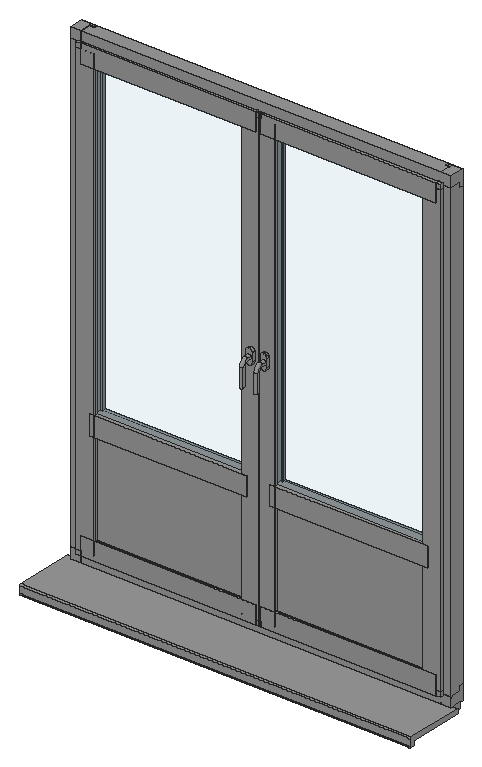
Revit family "deceuninck_balkonnaya_dver_dvustvorchataya", category Windows, host Wall, Revit 2016
Family settings
  Host = Wall
  OmniClass Number = 23.30.20.00
  OmniClass Title = Windows
  Always vertical = Yes
  Cut with Voids When Loaded = No
  Shared = No
  Room Calculation Point = No
Parameters (values of type "Энвин ЭКО-60")
  Ширина профиля = 60 mm
  Ширина проема [instance] = ADSK_Ширина рамы + Монтажный зазор.Левый + Монтажный зазор.Правый  # 1640 mm
  Шир прав створка [instance] = if(Одинаковые створки, ADSK_Ширина рамы / 2, Створка правая.Ширина)  # 800 mm
  Четверть.Ширина [instance] = 65 mm
  Четверть.Правая [instance] = if(and(Четверть правая.Видимость, Четверть), Четверть.Ширина, 0 mm)  # 65 mm
  Четверть.Левая [instance] = if(and(Четверть левая.Видимость, Четверть), Четверть.Ширина, 0 mm)  # 65 mm
  Четверть.Глубина [instance] = 120 mm
  Четверть.Высота [instance] = 65 mm
  Четверть правая.Видимость [instance] = yes
  Четверть левая.Видимость [instance] = yes
  Четверть.Врхняя [instance] = if(Четверть, Четверть.Высота, 0 mm)  # 65 mm
  Четверть [instance] = yes
  Цвет профиля = ""
  Формула стеклопакета = ""
  Толщина стеклопакета = "32"
  Стеклопакет.Толщина = 32 mm
  Створка правая.Ширина [instance] = 800 mm
  Створка правая = stvorka_balkonnaya_dver_frantsuz : Дверь.Поворотная лево
  Створка левая.Ширина [instance] = ADSK_Ширина рамы - Створка правая.Ширина  # 800 mm
  Створка левая = stvorka_balkonnaya_dver_frantsuz : Дверь.Поворотная лево
  Система фурнитуры [instance] = ""
  Рама.Окно.Ширина [instance] = 1600 mm
  Рама.Окно.Высота [instance] = 2000 mm
  Профильная система = "Энвин ЭКО 60"
  Проем.Окно.Ширина [instance] = 1640 mm
  Проем.Окно.Высота [instance] = 2055 mm
  Приточный клапан [instance] = no
  Watermarked By = ""
  Rough Width = 0 mm  # constant formula
  Rough Height = 0 mm  # constant formula
  Подоконник.Глубина [instance] = 0 mm
  Подоконник. Видимость [instance] = yes
  Подоконник [instance] = podokonnik : ПВХ 250
  Площаль элемента [instance] = ADSK_Ширина рамы * ADSK_Высота рамы / 1000000 mm  # 3.2 mm
  Открывание 30 [instance] = yes
  Откосы.Глубина [instance] = 310 mm
  Одинаковые створки [instance] = no
  Огнестойкость = "Е-15"
  Нижняя часть.Остекление [instance] = no
  Наименование = "Балконная дверь 2-створчатая Энвин ЭКО-60"
  Монтажный зазор.Спереди [instance] = 10 mm
  Монтажный зазор.Правый [instance] = if(Четверть правая.Видимость, Монтажный зазор.Боковой, 0 mm)  # 20 mm
  Монтажный зазор.Низ [instance] = 10 mm
  Монтажный зазор.Левый [instance] = if(Четверть левая.Видимость, Монтажный зазор.Боковой, 0 mm)  # 20 mm
  Монтажный зазор.Верх [instance] = 20 mm
  Монтажный зазор.Боковой = 20 mm
  Материал-Стеклопакет = none
  Материал-Рама = none
  Материал-Подоконник = ПВХ, белый
  Класс профиля = "Тип В"
  Завод-изготовитель [instance] = "ООО Декёнинк Рус, Россия"  # constant formula
  ГОСТ = "ГОСТ 30673-2013"
  Высота створки [instance] = ADSK_Высота рамы - 43 mm * 2  # 1914 mm
  Высота расположения ручки = 1000 mm
  Высота расположения горизонтального импоста [instance] = 500 mm
  Высота профиля створки = 76 mm
  Высота профиля рамы = 62 mm
  Высота профиля имоста = 82 mm
  Высота проема [instance] = ADSK_Высота рамы + 25 mm + Монтажный зазор.Верх + Монтажный зазор.Низ  # 2055 mm
  Height = 0 mm  # constant formula
  Высота порога = 105 mm
  Wall Closure = By host
  Width = 0 mm  # constant formula
  Артикул створки/армирование рстворки = "ZE 60D  /  AR1"
  Артикул рамы/армирование рамы = "LE 60D  /  AR1"
  Артикул импоста/армирование импоста = "TE 60D  /  20 x 35"
  Analytic Construction = "<Нет>"
  λ краевой зоны стеклопакета = 0.0600 (m²·K)/W
  Rстеклопакета = 0.7600 (m²·K)/W
  Rпрофиля = 0.6800 (m²·K)/W
  Rпривед [instance] = 1 / (((Ширина профиля / 1000 mm) * (5.4 - 4 * (Ширина профиля / 1000 mm)) / (1.8 * Rпрофиля / Rед)) + ((1.2 - 2 * (Ширина профиля / 1000 mm)) * (1.5 - 2 * (Ширина профиля / 1000 mm)) / (1.8 * Rстеклопакета / Rед)) + (5.4 - 8 * (Ширина профиля / 1000 mm)) * (λ краевой зоны стеклопакета / Rед))  # 0.61064
  Rед = 1.0000 (m²·K)/W
  ADSK_Ширина рамы [instance] = 1600 mm
  ADSK_Позиция [instance] = ""
  ADSK_Высота рамы [instance] = 2000 mm
Reference planes
  plane 1 "По центру (Вперед/Назад)": y = 0
  plane 2 "По центру (Влево/Вправо)": x = 0
  plane 3 "Подоконник": z = 105
  plane 4 "Наружный": y = 250
  plane 5 "Внутренние": y = -250
  plane 6: x = -820
  plane 7: x = 820
  plane 8: x = -755
  plane 9: x = 755
  plane 10: y = 130
  plane 11: z = 2105
  plane 12: x = -800
  plane 13: x = 800
  plane 14: z = 80
  plane 15: z = 2125
  plane 16: z = 70
  plane 17: z = 2060
  plane 18: y = 120
  plane 19: y = 60
  plane 20: x = -738
  plane 21: x = 738
  plane 22: z = 2043
  plane 23: z = 167
  plane 24: x = 0
  plane 25: y = 107
  plane 26: x = 679.372
  plane 27: y = 70
  plane 28: y = 450
Forms (mm)
  Extrusion 1, void
    sketch origin (0, -250, 0) x (1, 0, 0) y (0, 0, 1)
      loop
        line (-820, 2125) -> (-820, 70) -> (820, 70) -> (820, 2125) -> (-820, 2125)
    from 0 to -380
  Extrusion 2, void
    sketch origin (-2200.521, 130, 1000) x (1, 0, 0) y (0, 0, 1)
      loop
        line (1445.521, 1060) -> (1445.521, -930) -> (2955.521, -930) -> (2955.521, 1060) -> (1445.521, 1060)
    from 0 to -320
  Extrusion 3, solid, material <- "Материал-Рама", detail levels fine
    sketch origin (0, 0, 105) x (0, -1, 0) y (-1, 0, 0)
      loop
        line (-120, 800) -> (-120, 738) -> (-107, 738) -> (-107, 758) -> (-60, 758) -> (-60, 800) -> (-120, 800)
      loop
        line (-120, -738) -> (-120, -800) -> (-60, -800) -> (-60, -758) -> (-107, -758) -> (-107, -738) -> (-120, -738)
    from 0 to -2000
  Extrusion 4, solid, material <- "Материал-Рама", detail levels fine
    sketch origin (-750, 0, 0) x (0, -1, 0) y (0, 0, 1)
      loop
        line (-60, 105) -> (-60, 147) -> (-107, 147) -> (-107, 167) -> (-120, 167) -> (-120, 105) -> (-60, 105)
      loop
        line (-60, 2063) -> (-60, 2105) -> (-120, 2105) -> (-120, 2043) -> (-107, 2043) -> (-107, 2063) -> (-60, 2063)
    from 50 to -1550
  Extrusion 5, solid, material <- "Материал-Рама"
    sketch origin (-233.865, 107, 2257) x (0, 0, 1) y (-1, 0, 0)
      loop
        line (-2152, 566.135) -> (-2177, 566.135) -> (-2177, -1033.865) -> (-2152, -1033.865) -> (-2152, 566.135)
    from 0 to 37
  Extrusion 6, solid, detail levels medium
    sketch origin (0, 0, 105) x (0, -1, 0) y (-1, 0, 0)
      loop
        line (-120, 800) -> (-120, 738) -> (-60, 738) -> (-60, 800) -> (-120, 800)
      loop
        line (-120, -800) -> (-60, -800) -> (-60, -738) -> (-120, -738) -> (-120, -800)
    from 0 to -2000
  Extrusion 7, solid, detail levels medium
    sketch origin (-750, 0, 0) x (0, -1, 0) y (0, 0, 1)
      loop
        line (-120, 2105) -> (-120, 2043) -> (-60, 2043) -> (-60, 2105) -> (-120, 2105)
      loop
        line (-60, 105) -> (-60, 167) -> (-120, 167) -> (-120, 105) -> (-60, 105)
    from -1550 to 50
  Extrusion 8, solid, detail levels coarse
    sketch origin (0, 0, 105) x (0, -1, 0) y (-1, 0, 0)
      loop
        line (-120, 800) -> (-120, 690) -> (-47, 690) -> (-47, 800) -> (-120, 800)
      loop
        line (-120, -800) -> (-47, -800) -> (-47, -690) -> (-120, -690) -> (-120, -800)
      loop
        line (-47, 68) -> (-120, 68) -> (-120, -68) -> (-47, -68) -> (-47, 68)
    from 0 to -2000
  Extrusion 9, solid, detail levels coarse
    sketch origin (-750, 0, 0) x (0, -1, 0) y (0, 0, 1)
      loop
        line (-120, 1992) -> (-47, 1992) -> (-47, 2105) -> (-120, 2105) -> (-120, 1992)
      loop
        line (-47, 105) -> (-47, 214) -> (-120, 214) -> (-120, 105) -> (-47, 105)
    from -1550 to 50
Text (mm)
  text "Наружный" at (0, 923.751, 2943.296), in view "Справа"
  text "Наружный" at (0, 1040.484, 2685.409), in view "Слева"
Dimensions and locks
  "Высота порога": plane 3 "Подоконник" to level
  locked: plane 4 "Наружный" to host wall at 0
  locked: plane 5 "Внутренние" to host wall
  "Четверть.Глубина": plane 10 to plane 4 "Наружный"
  "ADSK_Высота рамы": plane 11 to plane 3 "Подоконник"
  "Монтажный зазор.Верх": plane 15 to plane 11
  locked: plane 3 "Подоконник" to plane 14 at 25
  "Монтажный зазор.Низ": plane 14 to plane 16
  "Четверть.Врхняя": plane 15 to plane 17
  equal spacing: plane 13, plane 2 "По центру (Влево/Вправо)", plane 12
  "ADSK_Ширина рамы": plane 13 to plane 12
  "Четверть.Левая": plane 8 to plane 6
  "Четверть.Правая": plane 7 to plane 9
  "Монтажный зазор.Левый": plane 12 to plane 6
  "Монтажный зазор.Правый": plane 13 to plane 7
  "Монтажный зазор.Спереди": plane 10 to plane 18
  "Ширина профиля": plane 18 to plane 19
  "Высота профиля рамы": plane 12 to plane 20
  locked: Extrusion 3 sketch curve to Extrusion 3 sketch curve at 13  (x2)
  locked: Extrusion 3 sketch curve to Extrusion 3 sketch curve at 20  (x2)
  "Высота профиля рамы": plane 21 to plane 13
  "Высота профиля рамы": plane 11 to plane 22
  "Высота профиля рамы": plane 3 "Подоконник" to plane 23
  locked: Extrusion 4 sketch curve to Extrusion 4 sketch curve at 13  (x2)
  locked: Extrusion 4 sketch curve to Extrusion 4 sketch curve at 20  (x2)
  "Шир прав створка": plane 13 to plane 24
  locked: plane 18 to plane 25 at 13
  locked: plane 27 to plane 19 at 10
  locked: plane 4 "Наружный" to plane 28 at 200
  "Откосы.Глубина": plane 19 to plane 5 "Внутренние"
  "Рама.Окно.Ширина": plane 13 to plane 12
  "Проем.Окно.Ширина": plane 7 to plane 6
  "Проем.Окно.Высота": plane 15 to plane 16
  "Рама.Окно.Высота": plane 11 to plane 3 "Подоконник"
  aligned and locked: Extrusion 1 sketch curve to plane 15
  aligned and locked: Extrusion 1 sketch curve to plane 6
  aligned and locked: Extrusion 1 sketch curve to plane 7
  aligned and locked: Extrusion 1 sketch curve to plane 16
  aligned and locked: plane 10 to Extrusion 1
  aligned and locked: Extrusion 2 sketch curve to plane 17
  aligned and locked: Extrusion 2 sketch curve to plane 8
  aligned and locked: Extrusion 2 sketch curve to plane 9
  aligned and locked: Extrusion 2 sketch curve to plane 16
  aligned and locked: Extrusion 3 sketch curve to plane 18
  aligned and locked: Extrusion 3 sketch curve to plane 19
  aligned and locked: Extrusion 3 sketch curve to plane 20
  aligned and locked: Extrusion 3 sketch curve to plane 12
  aligned and locked: plane 18 to Extrusion 3 sketch curve
  aligned and locked: plane 19 to Extrusion 3 sketch curve
  aligned and locked: Extrusion 3 sketch curve to plane 13
  aligned and locked: Extrusion 3 sketch curve to plane 21
  aligned and locked: plane 11 to Extrusion 3
  aligned and locked: Extrusion 4 sketch curve to plane 19  (x2)
  aligned and locked: Extrusion 4 sketch curve to plane 18  (x2)
  aligned and locked: Extrusion 4 sketch curve to plane 23
  aligned and locked: Extrusion 4 sketch curve to plane 3 "Подоконник"
  aligned and locked: Extrusion 4 sketch curve to plane 22
  aligned and locked: Extrusion 4 sketch curve to plane 11
  aligned and locked: Extrusion 4 to plane 13
  aligned and locked: Extrusion 4 to plane 12
  aligned and locked: Extrusion 5 sketch curve to plane 12
  aligned and locked: Extrusion 5 sketch curve to plane 3 "Подоконник"
  aligned and locked: Extrusion 5 sketch curve to plane 14
  aligned and locked: plane 13 to Extrusion 5 sketch curve
  aligned and locked: Extrusion 5 to plane 27
  aligned and locked: nested 2 to plane 3 "Подоконник"
  aligned and locked: nested 2 to plane 27
  aligned and locked: nested 2 to plane 2 "По центру (Влево/Вправо)"
  aligned and locked: plane 28 to Extrusion 2
  aligned and locked: plane 11 to Extrusion 6
  aligned and locked: Extrusion 7 sketch curve to plane 11
  aligned and locked: Extrusion 7 sketch curve to plane 22
  aligned and locked: Extrusion 7 sketch curve to plane 19  (x2)
  aligned and locked: Extrusion 7 sketch curve to plane 18  (x2)
  aligned and locked: Extrusion 7 sketch curve to plane 3 "Подоконник"
  aligned and locked: Extrusion 7 sketch curve to plane 23
  aligned and locked: Extrusion 7 to plane 13
  aligned and locked: Extrusion 6 sketch curve to plane 20
  aligned and locked: Extrusion 6 sketch curve to plane 19  (x2)
  aligned and locked: Extrusion 6 sketch curve to plane 12
  aligned and locked: plane 13 to Extrusion 6 sketch curve
  aligned and locked: plane 21 to Extrusion 6 sketch curve
  aligned and locked: Extrusion 8 sketch curve to plane 12
  aligned and locked: Extrusion 8 sketch curve to plane 18  (x2)
  aligned and locked: plane 13 to Extrusion 8 sketch curve
  aligned and locked: plane 11 to Extrusion 8
  aligned and locked: plane 18 to Extrusion 8 sketch curve
  aligned and locked: Extrusion 9 sketch curve to plane 18
  aligned and locked: Extrusion 9 sketch curve to plane 11
  aligned and locked: Extrusion 9 sketch curve to plane 3 "Подоконник"
  aligned and locked: Extrusion 8 to Extrusion 9 sketch curve
  aligned and locked: Extrusion 9 to plane 13
  aligned and locked: Extrusion 6 sketch curve to plane 18  (x2)
  aligned and locked: Extrusion 9 to plane 12
  aligned and locked: Extrusion 7 to plane 12
  aligned and locked: plane 17 to nested 1
  aligned and locked: nested 1 to plane 25
  aligned and locked: nested 3 to plane 17
  aligned and locked: nested 3 to plane 25
  aligned and locked: plane 24 to nested 1
  aligned and locked: plane 24 to nested 3
  aligned and locked: Extrusion 8 sketch curve to nested 1  (x3)
  aligned and locked: Extrusion 8 sketch curve to nested 3  (x3)
  aligned and locked: nested 1 to Extrusion 8 sketch curve
  aligned and locked: plane 18 to nested 4
  aligned and locked: nested 4 to plane 2 "По центру (Влево/Вправо)"
  aligned and locked: Extrusion 9 to nested 1
  aligned and locked: nested 1 to Extrusion 9
  aligned and locked: Extrusion 3 to nested 1
  aligned and locked: nested 3 to Extrusion 3
Automatic sketch dimensions
  plane 23 to Extrusion 9 sketch curve = 47 mm
  plane 22 to Extrusion 9 sketch curve = 51 mm
  Extrusion 9 sketch curve to plane 19 = 13 mm  (x2)
Nested families
  nested 1: "stvorka_balkonnaya_dver_frantsuz" at (-379, 107, 146), Профиль.Ширина <- "Ширина профиля", type <- "Створка левая", Стеклопакет.Толщина <- "Стеклопакет.Толщина", Створка.Высота <- "Высота створки", Ручка.Расстояние от низа створки <- "Высота расположения ручки", Высота горизонтального импоста <- "Высота расположения горизонтального импоста", Нижняя часть.Остекление <- "Нижняя часть.Остекление", Профиль.Высота <- "Высота профиля створки", type "Дверь.Поворотная лево"
    with Стеклопакет.Толщина 32 mm, Створка.Ширина 758 mm, Створка.Высота 1914 mm, Ручка.Расстояние от низа створки 1000 mm, Профиль.Ширина 60 mm, Профиль.Высота 76 mm, Нижняя часть.Сэндвич yes, Нижняя часть.Остекление no, Материал.Профиль none, Высота горизонтального импоста 500 mm
  nested 2: "podokonnik" at (0, 70, 105), Материал-Подоконник <- "Материал-Подоконник", Длина подоконника <- "Ширина проема", type <- "Подоконник", visible <- "Подоконник. Видимость", type "ПВХ 250", detail levels fine
    with Материал-Подоконник ПВХ, белый, Длина подоконника 1640 mm
  nested 3: "stvorka_balkonnaya_dver_frantsuz" at (379, 107, 146) x (-1, 0, 0) z (0, 0, 1), Профиль.Ширина <- "Ширина профиля", type <- "Створка правая", Стеклопакет.Толщина <- "Стеклопакет.Толщина", Створка.Высота <- "Высота створки", Высота горизонтального импоста <- "Высота расположения горизонтального импоста", Ручка.Расстояние от низа створки <- "Высота расположения ручки", Нижняя часть.Остекление <- "Нижняя часть.Остекление", Профиль.Высота <- "Высота профиля створки", type "Дверь.Поворотная лево"
    with Стеклопакет.Толщина 32 mm, Створка.Ширина 758 mm, Створка.Высота 1914 mm, Ручка.Расстояние от низа створки 1000 mm, Профиль.Ширина 60 mm, Профиль.Высота 76 mm, Нижняя часть.Сэндвич yes, Нижняя часть.Остекление no, Материал.Профиль none, Высота горизонтального импоста 500 mm
  nested 4: "ugo_dver_2-stv" at (0, 90, 0), Монтажный зазор.Слева <- "Монтажный зазор.Правый", Монтажный зазор.Справа <- "Монтажный зазор.Левый", Ширина проема <- "Ширина проема", Ширина профиля <- "Ширина профиля", Рама.Ширина <- "ADSK_Ширина рамы", Створка правая.Ширина <- "Шир прав створка", Открывание 30° <- "Открывание 30", type "ugo_dver"
    with Ширина профиля 60 mm, Ширина проема 1640 mm, Ширина полотна_линия.Правая 820 mm, Ширина полотна_линия.Левая 820 mm, Ширина полотна.Правая 750 mm, Ширина полотна.Левая 750 mm, Створка правая.Ширина 800 mm, Створка левая.Ширина 800 mm, Рама.Ширина 1600 mm, Открывание 90° no, Открывание 30° yes, Монтажный зазор.Справа 20 mm, Монтажный зазор.Слева 20 mm
Definition of nested family "stvorka_balkonnaya_dver_frantsuz"
  Parameters (values of type "Дверь.Поворотная лево")
    Стеклопакет.Толщина [instance] = 32 mm
    Створка.Ширина [instance] = 600 mm
    Створка.Открытие = not(Створка.Глухая)  # yes
    Створка.Высота [instance] = 1500 mm
    Ручка.Расстояние от низа створки [instance] = 750 mm
    Ручка справа = yes
    Ручка снизу = no
    Ручка слева = no
    Ручка сверху. = no
    Профиль.Ширина [instance] = 58 mm
    Профиль.Высота [instance] = 77 mm
    Открывание правое = no
    Открывание низ = no
    Открывание левое = yes
    Открывание верх = no
    Створка.Глухая = no
    Нижняя часть.Сэндвич [instance] = not(Нижняя часть.Остекление)  # no
    Нижняя часть.Остекление [instance] = yes
    Материал.Стеклопакет = none
    Материал.Профиль [instance] = none
    Высота горизонтального импоста [instance] = 480 mm
    Watermarked By = ""
    Type Comments = "﻿﻿                             ​                ​ ​       ​    ​                    ﻿  ​       ​    ﻿                ​     ​   ​ ﻿ ﻿     ﻿ ﻿﻿  ﻿ ﻿   ​ ﻿   ﻿ ﻿ ﻿﻿    ​      ﻿﻿"
    Keynote = "﻿﻿                             ​                ​ ​       ​    ​                    ﻿  ​       ​    ﻿                ​     ​   ​ ﻿ ﻿     ﻿ ﻿﻿  ﻿ ﻿   ​ ﻿   ﻿ ﻿ ﻿﻿    ​      ﻿﻿"
    Description = "﻿﻿                             ​                ​ ​       ​    ​                    ﻿  ​       ​    ﻿                ​     ​   ​ ﻿ ﻿     ﻿ ﻿﻿  ﻿ ﻿   ​ ﻿   ﻿ ﻿ ﻿﻿    ​      ﻿﻿"
    Assembly Code = "﻿﻿                             ​                ​ ​       ​    ​                    ﻿  ​       ​    ﻿                ​     ​   ​ ﻿ ﻿     ﻿ ﻿﻿  ﻿ ﻿   ​ ﻿   ﻿ ﻿ ﻿﻿    ​      ﻿﻿"
    Analytic Construction = "<Нет>"
  Types (2, lengths in mm): name | Ручка.Расстояние от низа створки | Ручка справа | Ручка слева | Открывание правое | Открывание левое | Открывание верх
    Дверь.Поворотная право | 500 | no | yes | yes | no | yes
    Дверь.Поворотная лево | 750 | yes | no | no | yes | no
  Reference planes
    plane 1 "По центру (Вперед/Назад)": y = 0
    plane 2: z = 0
    plane 3 "По центру (Влево/Вправо)": x = 0
    plane 4: x = -288
    plane 5: x = 288
    plane 6: y = -58
    plane 7: z = 1500
    plane 8: y = -16
    plane 9: y = -48
    plane 10: y = -51
    plane 11: x = -300
    plane 12: x = 300
    plane 13: z = 12
    plane 14: z = -8
    plane 15: z = 1508
    plane 16: z = 1488
    plane 17: z = 750
    plane 18: x = -308
    plane 19: x = -231
    plane 20: x = 308
    plane 21: x = 231
    plane 22: z = 1431
    plane 23: z = 69
    plane 24: z = 750
    plane 25: z = 480
  Forms (mm)
    Extrusion 1, solid, material <- "Материал.Профиль", visible <- "Створка.Открытие", detail levels fine
      sketch origin (0, 0, 0) x (1, 0, 0) y (0, 1, 0)
        loop
          line (-288, 0) -> (-288, -45) -> (-308, -45) -> (-308, -58) -> (-231, -58) -> (-231, -51) -> (-251, -51) -> (-251, -13) -> (-231, -13) -> (-234, 0) -> (-288, 0)
        loop
          line (300, 0) -> (234, 0) -> (231, -13) -> (251, -13) -> (251, -51) -> (231, -51) -> (231, -58) -> (300, -58) -> (300, 0)
      from 12 to 1488
    Extrusion 2, solid, visible <- "Створка.Открытие", detail levels fine
      sketch origin (0, 0, 0) x (1, 0, 0) y (0, 1, 0)
        loop
          line (-251, -13) -> (-251, -51) -> (-231, -51) -> (-231, -48) -> (-241, -48) -> (-241, -16) -> (-231, -16) -> (-231, -13) -> (-251, -13)
        loop
          line (251, -13) -> (231, -13) -> (231, -16) -> (241, -16) -> (241, -48) -> (231, -48) -> (231, -51) -> (251, -51) -> (251, -13)
      from 49 to 1451
    Extrusion 3, solid, material <- "Материал.Профиль", visible <- "Створка.Открытие", detail levels fine
      sketch origin (0, 0, 12) x (0, 1, 0) y (0, 0, 1)
        loop
          line (-58, 57) -> (-58, -20) -> (-45, -20) -> (-45, 0) -> (0, 0) -> (0, 54) -> (-13, 57) -> (-13, 37) -> (-51, 37) -> (-51, 57) -> (-58, 57)
        loop
          line (-58, 1419) -> (-51, 1419) -> (-51, 1439) -> (-13, 1439) -> (-13, 1419) -> (0, 1422) -> (0, 1476) -> (-45, 1476) -> (-45, 1496) -> (-58, 1496) -> (-58, 1419)
      from -288 to 288
    Extrusion 4, solid, visible <- "Створка.Открытие", detail levels fine
      sketch origin (0, 0, 0) x (0, 1, 0) y (0, 0, 1)
        loop
          line (-16, 69) -> (-16, 59) -> (-48, 59) -> (-48, 69) -> (-51, 69) -> (-51, 49) -> (-13, 49) -> (-13, 69) -> (-16, 69)
        loop
          line (-51, 1451) -> (-51, 1431) -> (-48, 1431) -> (-48, 1441) -> (-16, 1441) -> (-16, 1431) -> (-13, 1431) -> (-13, 1451) -> (-51, 1451)
      from -251 to 251
    Extrusion 5, solid, material <- "Материал.Профиль", visible <- "Створка.Открытие", detail levels fine
      sketch origin (-963, -48, 1200) x (-1, 0, 0) y (0, 0, 1)
        loop
          line (-655, 308) -> (-675, 308) -> (-675, 288) -> (-655, 288) -> (-655, 308)
        loop
          line (-1251, 308) -> (-1263, 308) -> (-1263, 288) -> (-1251, 288) -> (-1251, 308)
        loop
          line (-675, -1188) -> (-675, -1208) -> (-655, -1208) -> (-655, -1188) -> (-675, -1188)
        loop
          line (-1263, -1188) -> (-1263, -1208) -> (-1251, -1208) -> (-1251, -1188) -> (-1263, -1188)
      from 3 to -10
    Extrusion 6, solid, material <- "Материал.Стеклопакет", visible <- "Нижняя часть.Остекление"
      sketch origin (0, -16, 59) x (0, -1, 0) y (1, 0, 0)
        loop
          line (0, 241) -> (0, -241) -> (32, -241) -> (32, 241) -> (0, 241)
      from 0 to 1382
    Extrusion 7, solid, material <- "Материал.Профиль", visible <- "Створка.Открытие", detail levels medium
      sketch origin (0, 0, 0) x (1, 0, 0) y (0, 1, 0)
        loop
          line (-231, 0) -> (-308, 0) -> (-308, -58) -> (-231, -58) -> (-231, 0)
        loop
          line (300, 0) -> (231, 0) -> (231, -58) -> (300, -58) -> (300, 0)
      from 12 to 1488
    Extrusion 8, solid, material <- "Материал.Профиль", visible <- "Створка.Открытие", detail levels medium
      sketch origin (0, 0, 0) x (0, 1, 0) y (0, 0, 1)
        loop
          line (0, 1508) -> (-58, 1508) -> (-58, 1431) -> (0, 1431) -> (0, 1508)
        loop
          line (0, 69) -> (-58, 69) -> (-58, -8) -> (0, -8) -> (0, 69)
      from -308 to 300
    Extrusion 9, solid
      sketch origin (-251, -51, 0) x (0, 1, 0) y (0, 0, -1)
        loop
          line (51, -521.003) -> (51, -438.997) -> (-7, -438.997) -> (-7, -521.003) -> (51, -521.003)
      from 0 to -502
    Extrusion 10, solid, visible <- "Нижняя часть.Сэндвич"
      sketch origin (-251, 0, 521.003) x (0, -1, 0) y (1, 0, 0)
        loop
          line (16, 492) -> (16, 10) -> (48, 10) -> (48, 492) -> (16, 492)
      from 0 to 919.997
    Extrusion 11, solid, visible <- "Нижняя часть.Сэндвич"
      sketch origin (0, -16, 59) x (0, -1, 0) y (1, 0, 0)
        loop
          line (0, 241) -> (0, -241) -> (32, -241) -> (32, 241) -> (0, 241)
      from 0 to 379.997
  Lines and regions (mm)
    symbolic lines, visible <- "Открывание правое"
      curve 1: line (231, 0, 1431) -> (-231, 0, 750)
      curve 2: line (-231, 0, 750) -> (231, 0, 69)
    symbolic lines, visible <- "Открывание левое"
      curve 3: line (-231, 0, 1431) -> (231, 0, 750)
      curve 4: line (231, 0, 750) -> (-231, 0, 69)
    symbolic lines, visible <- "Открывание верх"
      curve 5: line (-231, 0, 69) -> (0, 0, 1431)
      curve 6: line (0, 0, 1431) -> (231, 0, 69)
    symbolic lines, visible <- "Открывание низ"
      curve 7: line (-231, 0, 1431) -> (0, 0, 69)
      curve 8: line (0, 0, 69) -> (231, 0, 1431)
    symbolic lines, visible <- "Створка.Глухая"
      curve 9: line (0, 0, 700) -> (0, 0, 800)
      curve 10: line (-50, 0, 750) -> (50, 0, 750)
  Dimensions and locks
    locked: Extrusion 1 sketch curve to Extrusion 1 sketch curve at 13  (x2)
    "Профиль.Ширина": plane 1 "По центру (Вперед/Назад)" to plane 6
    "Стеклопакет.Толщина": plane 8 to plane 9
    locked: plane 8 to plane 1 "По центру (Вперед/Назад)" at 16
    locked: Extrusion 1 to Extrusion 2 sketch curve at 10
    locked: Extrusion 2 sketch curve to Extrusion 1 at 10
    locked: plane 9 to plane 10 at 3
    locked: Extrusion 3 sketch curve to Extrusion 3 sketch curve at 13  (x2)
    locked: Extrusion 4 sketch curve to Extrusion 3 at 10  (x2)
    "Створка.Высота": plane 7 to plane 2
    locked: plane 4 to plane 11 at 12
    locked: plane 12 to plane 5 at 12
    equal spacing: plane 12, plane 3 "По центру (Влево/Вправо)", plane 11
    "Створка.Ширина": plane 12 to plane 11
    locked: plane 15 to plane 7 at 8
    locked: plane 7 to plane 16 at 12
    locked: plane 2 to plane 14 at 8
    locked: plane 13 to plane 2 at 12
    "Профиль.Высота": plane 18 to plane 19
    "Профиль.Высота": plane 21 to plane 20
    locked: plane 21 to Extrusion 2 at 20
    "Профиль.Высота": plane 22 to plane 15
    locked: plane 11 to plane 18 at 8
    locked: plane 20 to plane 12 at 8
    locked: Extrusion 2 to plane 19 at 20
    "Профиль.Высота": plane 23 to plane 14
    "Ручка.Расстояние от низа створки": plane 17 to plane 2
    locked: nested 1 to plane 4 at 18.5
    locked: plane 5 to nested 2 at 18.5
    equal spacing: plane 7, plane 24, plane 2
    curve 9 to plane 24 to curve 9 = 50 mm locked, 50 mm locked
    curve 10 to plane 3 "По центру (Влево/Вправо)" to curve 10 = 50 mm locked, 50 mm locked
    locked: Extrusion 7 to Extrusion 1 sketch curve at 13
    locked: Extrusion 3 sketch curve to Extrusion 8 at 13  (x2)
    locked: Extrusion 4 to plane 23 at 20
    locked: Extrusion 4 to plane 22 at 20
    "Высота горизонтального импоста": plane 25 to plane 2
    locked: Extrusion 9 sketch curve to Extrusion 9 sketch curve at 82.006
    equal spacing: Extrusion 9 sketch curve, plane 25, Extrusion 9 sketch curve
    aligned and locked: level to plane 2
    aligned and locked: Extrusion 1 sketch curve to plane 4
    aligned and locked: plane 6 to Extrusion 1 sketch curve
    aligned and locked: plane 1 "По центру (Вперед/Назад)" to Extrusion 1 sketch curve
    aligned and locked: plane 10 to Extrusion 1 sketch curve
    aligned and locked: Extrusion 2 sketch curve to Extrusion 1  (x9)
    aligned and locked: Extrusion 2 sketch curve to plane 9
    aligned and locked: Extrusion 2 sketch curve to plane 8
    aligned and locked: Extrusion 1 sketch curve to plane 6
    aligned and locked: Extrusion 1 sketch curve to plane 1 "По центру (Вперед/Назад)"
    aligned and locked: Extrusion 1 to Extrusion 2 sketch curve
    aligned and locked: plane 6 to Extrusion 3 sketch curve
    aligned and locked: plane 1 "По центру (Вперед/Назад)" to Extrusion 3 sketch curve
    aligned and locked: plane 10 to Extrusion 3 sketch curve
    aligned and locked: plane 13 to Extrusion 3
    aligned and locked: plane 8 to Extrusion 4 sketch curve  (x2)
    aligned and locked: plane 9 to Extrusion 4 sketch curve
    aligned and locked: Extrusion 4 sketch curve to Extrusion 3  (x8)
    aligned and locked: Extrusion 3 to Extrusion 4 sketch curve  (x2)
    aligned and locked: plane 5 to Extrusion 3
    aligned and locked: plane 14 to Extrusion 3
    aligned and locked: Extrusion 3 to plane 4
    aligned and locked: Extrusion 4 to Extrusion 1  (x2)
    aligned and locked: Extrusion 2 to Extrusion 4
    aligned and locked: Extrusion 3 sketch curve to plane 6
    aligned and locked: Extrusion 3 sketch curve to plane 1 "По центру (Вперед/Назад)"
    aligned and locked: plane 15 to Extrusion 3 sketch curve
    aligned and locked: Extrusion 2 to Extrusion 4 sketch curve
    aligned and locked: Extrusion 1 to Extrusion 3  (x2)
    aligned and locked: Extrusion 5 sketch curve to plane 15
    aligned and locked: Extrusion 5 sketch curve to plane 16
    aligned and locked: Extrusion 5 sketch curve to plane 4
    aligned and locked: Extrusion 5 to plane 6
    aligned and locked: Extrusion 2 to Extrusion 3
    aligned and locked: plane 5 to Extrusion 5 sketch curve  (x2)
    aligned and locked: plane 16 to Extrusion 5 sketch curve
    aligned and locked: plane 15 to Extrusion 5 sketch curve
    aligned and locked: plane 18 to Extrusion 1 sketch curve
    aligned and locked: Extrusion 1 sketch curve to plane 19
    aligned and locked: plane 21 to Extrusion 1 sketch curve
    aligned and locked: Extrusion 3 sketch curve to plane 14
    aligned and locked: plane 13 to Extrusion 3 sketch curve
    aligned and locked: Extrusion 3 sketch curve to plane 23
    aligned and locked: plane 22 to Extrusion 3 sketch curve
    aligned and locked: Extrusion 3 sketch curve to plane 16
    aligned and locked: Extrusion 6 sketch curve to plane 8
    aligned and locked: Extrusion 6 sketch curve to plane 9
    aligned and locked: Extrusion 6 sketch curve to Extrusion 2  (x2)
    aligned and locked: Extrusion 6 to Extrusion 4
    aligned and locked: plane 4 to Extrusion 5 sketch curve
    aligned and locked: plane 18 to Extrusion 5 sketch curve
    aligned and locked: plane 13 to Extrusion 5 sketch curve  (x2)
    aligned and locked: plane 14 to Extrusion 5 sketch curve  (x2)
    aligned and locked: Extrusion 7 sketch curve to plane 1 "По центру (Вперед/Назад)"  (x2)
    aligned and locked: Extrusion 7 sketch curve to plane 6  (x2)
    aligned and locked: Extrusion 7 sketch curve to plane 18
    aligned and locked: Extrusion 7 sketch curve to plane 19
    aligned and locked: plane 21 to Extrusion 7 sketch curve
    aligned and locked: Extrusion 7 to Extrusion 1
    aligned and locked: Extrusion 1 to plane 16
    aligned and locked: Extrusion 7 to Extrusion 3
    aligned and locked: plane 1 "По центру (Вперед/Назад)" to Extrusion 8 sketch curve  (x2)
    aligned and locked: plane 6 to Extrusion 8 sketch curve  (x2)
    aligned and locked: plane 15 to Extrusion 8 sketch curve
    aligned and locked: plane 22 to Extrusion 8 sketch curve
    aligned and locked: Extrusion 8 sketch curve to plane 23
    aligned and locked: plane 14 to Extrusion 8 sketch curve
    aligned and locked: Extrusion 8 to Extrusion 1  (x2)
    aligned and locked: nested 1 to plane 17
    aligned and locked: nested 2 to plane 17
    aligned and locked: curve 10 to plane 24
    aligned and locked: Extrusion 5 to Extrusion 1
    aligned and locked: Extrusion 9 sketch curve to plane 1 "По центру (Вперед/Назад)"
    aligned and locked: Extrusion 9 sketch curve to plane 6
    aligned and locked: Extrusion 9 to Extrusion 1
    aligned and locked: Extrusion 10 sketch curve to plane 8
    aligned and locked: Extrusion 10 sketch curve to plane 9
    aligned and locked: Extrusion 10 sketch curve to Extrusion 6  (x2)
    aligned and locked: Extrusion 10 to Extrusion 4
    aligned and locked: Extrusion 11 sketch curve to plane 8
    aligned and locked: Extrusion 11 sketch curve to plane 9
    aligned and locked: Extrusion 11 sketch curve to Extrusion 10  (x2)
    aligned and locked: Extrusion 11 to Extrusion 9
    aligned and locked: Extrusion 1 sketch curve to plane 12
    aligned and locked: Extrusion 7 sketch curve to plane 12
    aligned and locked: Extrusion 5 sketch curve to plane 12
    aligned and locked: plane 12 to Extrusion 5 sketch curve
  Automatic sketch dimensions
    Extrusion 1 sketch curve to plane 19 = 0 mm
    Extrusion 1 sketch curve to plane 21 = 0 mm
    plane 10 to Extrusion 1 sketch curve = 0 mm
    Extrusion 1 sketch curve to Extrusion 1 sketch curve = 20 mm  (x2)
    Extrusion 1 sketch curve to plane 19 = 3 mm
    Extrusion 1 sketch curve to plane 21 = 3 mm
    Extrusion 2 sketch curve to plane 9 = 0 mm
    plane 8 to Extrusion 2 sketch curve = 0 mm
    Extrusion 3 sketch curve to plane 10 = 0 mm
    Extrusion 3 sketch curve to plane 23 = 0 mm
    plane 22 to Extrusion 3 sketch curve = 0 mm
    Extrusion 3 sketch curve to plane 23 = 3 mm
    Extrusion 3 sketch curve to plane 22 = 3 mm
    Extrusion 5 sketch curve to plane 18 = 0 mm
    Extrusion 3 sketch curve to plane 22 = 20 mm
    Extrusion 3 sketch curve to plane 23 = 20 mm
    curve 4 to plane 19 = 0 mm
    curve 1 to plane 19 = 0 mm
    curve 3 to plane 19 = 0 mm
    curve 6 to plane 3 "По центру (Влево/Вправо)" = 0 mm
    curve 9 to plane 3 "По центру (Влево/Вправо)" = 0 mm
    curve 8 to plane 3 "По центру (Влево/Вправо)" = 0 mm
    plane 21 to curve 8 = 0 mm
    plane 21 to curve 3 = 0 mm
    plane 21 to curve 2 = 0 mm
    curve 7 to plane 23 = 0 mm
    curve 5 to plane 23 = 0 mm
    curve 2 to plane 23 = 0 mm
    curve 2 to plane 24 = 0 mm
    curve 4 to plane 24 = 0 mm
    curve 8 to plane 22 = 0 mm
    curve 3 to plane 22 = 0 mm
    curve 6 to plane 22 = 0 mm
  Nested families
    nested 1: "ruchka" at (-269.5, -58, 750) x (1, 0, 0) z (0, -1, 0), visible <- "Ручка слева", type "ruchka", detail levels fine
    nested 2: "ruchka" at (269.5, -58, 750) x (1, 0, 0) z (0, -1, 0), visible <- "Ручка справа", Маериал.Ручка <- "Материал.Профиль", type "ruchka", detail levels fine
  Definition of nested family "ruchka"
    Parameters (values of type "ruchka")
      Watermarked By = ""
      Type Comments = "﻿﻿  ​                          ﻿                ﻿ ﻿       ﻿ ​  ﻿    ​ ​                ﻿​      ﻿                     ﻿     ﻿   ﻿             ​       ﻿   ​           ﻿      ﻿﻿"
      Keynote = "﻿﻿  ​                          ﻿                ﻿ ﻿       ﻿ ​  ﻿    ​ ​                ﻿​      ﻿                     ﻿     ﻿   ﻿             ​       ﻿   ​           ﻿      ﻿﻿"
      Description = "﻿﻿  ​                          ﻿                ﻿ ﻿       ﻿ ​  ﻿    ​ ​                ﻿​      ﻿                     ﻿     ﻿   ﻿             ​       ﻿   ​           ﻿      ﻿﻿"
      Default Elevation = 1219.2 mm
      Маериал.Ручка [instance] = none
      Assembly Code = "﻿﻿  ​                          ﻿                ﻿ ﻿       ﻿ ​  ﻿    ​ ​                ﻿​      ﻿                     ﻿     ﻿   ﻿             ​       ﻿   ​           ﻿      ﻿﻿"
      Analytic Construction = "<Нет>"
    Reference planes
      plane 1 "По центру (Вперед/Назад)": y = 0
      plane 2: z = 0
      plane 3 "По центру (Влево/Вправо)": x = 0
    Forms (mm)
      Extrusion 1, solid
        sketch origin (0, 0, 0) x (1, 0, 0) y (0, 1, 0)
          loop
            line (-1219.2, 1219.2) -> (-1219.2, -1219.2) -> (1219.2, -1219.2) -> (1219.2, 1219.2) -> (-1219.2, 1219.2)
        from 0 to -304.8
      Extrusion 2, solid, material <- "Маериал.Ручка"
        sketch origin (-1, 0, 0) x (0, -1, 0) y (1, 0, 0)
          loop
            arc (-18, 15) -> (-32, 1) -> (-18, -13) r 14
            line (-18, -13) -> (18, -13)
            arc (18, -13) -> (32, 1) -> (18, 15) r 14
            line (18, 15) -> (-18, 15)
        from 0 to 10
      Sweep 3, solid, material <- "Маериал.Ручка"
        path origin (0, 0, 0) x (0, -1, 0) y (0, 0, 1)
          loop
            line (0, 10) -> (0, 30)
            arc (0, 30) -> (7.903, 42.097) -> (20, 50) r 35.203
            line (20, 50) -> (100, 50)
        profile origin (0, 0, 20) x (0, 1, 0) y (-1, 0, 0)
          loop
            line (0, 7) -> (-7, 7) -> (-7, -7) -> (0, -7)
            arc (0, -7) -> (7, 0) -> (0, 7) r 7
    Dimensions and locks
      aligned and locked: plane 2 to Extrusion 1
      aligned and locked: level to Extrusion 1
Definition of nested family "podokonnik"
  Parameters (values of type "ПВХ 150")
    Материал-Подоконник [instance] = none
    Длина подоконника [instance] = 1500 mm
    Глубина подоконника = 150 mm
    Watermarked By = ""
    Type Comments = "﻿﻿                             ​                ​ ​       ​    ​                    ﻿  ​       ​    ﻿                ​     ​   ​ ﻿ ﻿     ﻿ ﻿﻿  ﻿ ﻿   ​ ﻿   ﻿ ﻿ ﻿﻿    ​      ﻿﻿"
    Keynote = "﻿﻿                             ​                ​ ​       ​    ​                    ﻿  ​       ​    ﻿                ​     ​   ​ ﻿ ﻿     ﻿ ﻿﻿  ﻿ ﻿   ​ ﻿   ﻿ ﻿ ﻿﻿    ​      ﻿﻿"
    Description = "﻿﻿                             ​                ​ ​       ​    ​                    ﻿  ​       ​    ﻿                ​     ​   ​ ﻿ ﻿     ﻿ ﻿﻿  ﻿ ﻿   ​ ﻿   ﻿ ﻿ ﻿﻿    ​      ﻿﻿"
    Assembly Code = "﻿﻿                             ​                ​ ​       ​    ​                    ﻿  ​       ​    ﻿                ​     ​   ​ ﻿ ﻿     ﻿ ﻿﻿  ﻿ ﻿   ​ ﻿   ﻿ ﻿ ﻿﻿    ​      ﻿﻿"
  Types (13, lengths in mm): name | Глубина подоконника
    ПВХ 100 | 100
    ПВХ 150 | 150
    ПВХ 200 | 200
    ПВХ 250 | 250
    ПВХ 300 | 300
    ПВХ 350 | 350
    ПВХ 400 | 400
    ПВХ 450 | 450
    ПВХ 500 | 500
    ПВХ 550 | 550
    ПВХ 600 | 600
    ПВХ 650 | 650
    ПВХ 700 | 700
  Reference planes
    plane 1 "По центру (Вперед/Назад)": y = 0
    plane 2: z = 0
    plane 3 "По центру (Влево/Вправо)": x = 0
    plane 4: y = -150
    plane 5: x = 750
    plane 6: x = -750
  Forms (mm)
    Extrusion 1, solid, material <- "Материал-Подоконник"
      sketch origin (0, 0, 0) x (0, 1, 0) y (0, 0, 1)
        loop
          line (0, 0) -> (-146, 0)
          arc (-146, 0) -> (-148.828, -1.172) -> (-150, -4) r 4
          line (-150, -4) -> (-150, -36)
          arc (-150, -36) -> (-148.828, -38.828) -> (-146, -40) r 4
          line (-146, -40) -> (-130, -40) -> (-130, -20) -> (0, -20) -> (0, 0)
      from -750 to 750
  Dimensions and locks
    "Глубина подоконника": plane 1 "По центру (Вперед/Назад)" to plane 4
    equal spacing: plane 6, plane 3 "По центру (Влево/Вправо)", plane 5
    "Длина подоконника": plane 6 to plane 5
    aligned and locked: level to plane 2
    aligned and locked: plane 2 to Extrusion 1 sketch curve
    aligned and locked: plane 4 to Extrusion 1 sketch curve  (x2)
    aligned and locked: plane 5 to Extrusion 1
    aligned and locked: Extrusion 1 to plane 6
  Automatic sketch dimensions
    Extrusion 1 sketch curve to plane 1 "По центру (Вперед/Назад)" = 0 mm
    Extrusion 1 sketch curve to level = 20 mm
    Extrusion 1 sketch curve to level = 4 mm
    Extrusion 1 sketch curve to Extrusion 1 sketch curve = 16 mm  (x2)
    Extrusion 1 sketch curve to Extrusion 1 sketch curve = 4 mm
Definition of nested family "ugo_dver_2-stv"
  Parameters (values of type "ugo_dver")
    Ширина профиля [instance] = 58 mm
    Ширина проема [instance] = Рама.Ширина + Монтажный зазор.Слева + Монтажный зазор.Справа  # 1640 mm
    Ширина полотна_линия.Правая [instance] = Ширина проема - Створка левая.Ширина - Монтажный зазор.Слева  # 920 mm
    Ширина полотна_линия.Левая [instance] = Ширина проема - Створка правая.Ширина - Монтажный зазор.Справа  # 720 mm
    Ширина полотна.Правая [instance] = Рама.Ширина - (Высота профиля - 20 mm + Створка левая.Ширина)  # 850 mm
    Ширина полотна.Левая [instance] = Рама.Ширина - (Высота профиля - 20 mm + Створка правая.Ширина)  # 650 mm
    Толщина полотна = 62.361 mm
    Створка правая.Ширина [instance] = 900 mm
    Створка левая.Ширина [instance] = Рама.Ширина - Створка правая.Ширина  # 700 mm
    Рама.Ширина [instance] = 1600 mm
    Открывание 90° [instance] = not(Открывание 30°)  # no
    Открывание 30° [instance] = yes
    Монтажный зазор.Справа [instance] = 20 mm
    Монтажный зазор.Слева [instance] = 20 mm
    Высота профиля = 70 mm
    Watermarked By = ""
    Type Comments = "﻿﻿                             ​                ​ ​       ​    ​                    ﻿  ​       ​    ﻿                ​     ​   ​ ﻿ ﻿     ﻿ ﻿﻿  ﻿ ﻿   ​ ﻿   ﻿ ﻿ ﻿﻿    ​      ﻿﻿"
    Keynote = "﻿﻿                             ​                ​ ​       ​    ​                    ﻿  ​       ​    ﻿                ​     ​   ​ ﻿ ﻿     ﻿ ﻿﻿  ﻿ ﻿   ​ ﻿   ﻿ ﻿ ﻿﻿    ​      ﻿﻿"
    Description = "﻿﻿                             ​                ​ ​       ​    ​                    ﻿  ​       ​    ﻿                ​     ​   ​ ﻿ ﻿     ﻿ ﻿﻿  ﻿ ﻿   ​ ﻿   ﻿ ﻿ ﻿﻿    ​      ﻿﻿"
    Assembly Code = "﻿﻿                             ​                ​ ​       ​    ​                    ﻿  ​       ​    ﻿                ​     ​   ​ ﻿ ﻿     ﻿ ﻿﻿  ﻿ ﻿   ​ ﻿   ﻿ ﻿ ﻿﻿    ​      ﻿﻿"
  Reference planes
    plane 1 "По центру (Вперед/Назад)": y = 0
    plane 2: z = 0
    plane 3 "По центру (Влево/Вправо)": x = 0
    plane 4: x = -730
    plane 5: x = 800
    plane 6: x = -800
    plane 7: x = 730
    plane 8: x = -820
    plane 9: x = 820
    plane 10: y = -29
    plane 11: y = 29
    plane 12: x = -100
  Lines and regions (mm)
    Masking region 1, in view "Опорный уровень", detail levels fine
      outline origin (0, 0, 0) x (1, 0, 0) y (0, 1, 0)
        loop
          line (-730, 29) -> (-820, 29) -> (-820, -29) -> (-750, -29) -> (-750, 16) -> (-730, 16) -> (-730, 29)
        loop
          line (730, 29) -> (730, 16) -> (750, 16) -> (750, -29) -> (820, -29) -> (820, 29) -> (730, 29)
    Masking region 2, in view "Опорный уровень", visible <- "Открывание 90°", detail levels fine
      outline origin (-215.849, -372.941, 0) x (0.360801, -0.932643, 0) y (0.932643, 0.360801, 0)
        loop
          line (-513.496, -374.078) -> (92.721, -608.599) -> (107.153, -571.293) -> (-499.064, -336.772) -> (-513.496, -374.078)
    Masking region 3, in view "Опорный уровень", visible <- "Открывание 30°", detail levels fine
      outline origin (24.937, -102.113, 0) x (0.988093, -0.153858, 0) y (0.153858, 0.988093, 0)
        loop
          line (-776.959, -46.988) -> (-170.741, -281.509) -> (-156.309, -244.203) -> (-762.527, -9.683) -> (-776.959, -46.988)
    Masking region 4, in view "Опорный уровень", visible <- "Открывание 30°", detail levels fine
      outline origin (-4.937, -136.754, 0) x (-0.153858, 0.988093, 0) y (-0.988093, -0.153858, 0)
        loop
          line (-9.683, -762.527) -> (27.623, -748.095) -> (-279.058, 44.651) -> (-316.364, 30.219) -> (-9.683, -762.527)
    Masking region 5, in view "Опорный уровень", visible <- "Открывание 90°", detail levels fine
      outline origin (1244.151, -372.941, 0) x (0.360801, -0.932643, 0) y (0.932643, 0.360801, 0)
        loop
          line (-513.496, -374.078) -> (279.25, -680.759) -> (293.682, -643.453) -> (-499.064, -336.772) -> (-513.496, -374.078)
    detail lines, in view "Опорный уровень", detail levels fine
      curve 1: line (-800, 29, 0) -> (-800, -29, 0)
      curve 2: line (800, -29, 0) -> (800, 29, 0)
    detail lines, in view "Опорный уровень", visible <- "Открывание 90°", detail levels coarse+medium
      curve 3: line (-820, -29, 0) -> (-820, -749, 0)
      curve 4: arc (-820, -749, 0) -> (-310.883, -538.117, 0) -> (-100, -29, 0) r 720
      curve 8: line (820, -29, 0) -> (820, -949, 0)
      curve 9: arc (-100, -29, 0) -> (169.462, -679.538, 0) -> (820, -949, 0) r 920
    detail lines, in view "Опорный уровень", visible <- "Открывание 30°", detail levels coarse+medium
      curve 5: line (-820, -29, 0) -> (-196.462, -389, 0)
      curve 7: line (820, -29, 0) -> (23.257, -489, 0)
    detail lines, in view "Опорный уровень", visible <- "Открывание 90°", detail levels fine
      curve 6: arc (-750, -679, 0) -> (-290.381, -488.619, 0) -> (-100, -29, 0) r 650
      curve 10: arc (750, -879, 0) -> (148.959, -630.041, 0) -> (-100, -29, 0) r 850
  Dimensions and locks
    equal spacing: plane 6, plane 3 "По центру (Влево/Вправо)", plane 5
    "Высота профиля": plane 6 to plane 4
    "Высота профиля": plane 7 to plane 5
    "Монтажный зазор.Слева": plane 8 to plane 6
    "Монтажный зазор.Справа": plane 5 to plane 9
    equal spacing: plane 11, plane 1 "По центру (Вперед/Назад)", plane 10
    "Ширина профиля": plane 11 to plane 10
    locked: Masking region 1 sketch curve to Masking region 1 sketch curve at 13  (x2)
    locked: Masking region 1 sketch curve to Masking region 1 sketch curve at 20  (x2)
    locked: Masking region 2 sketch curve to Masking region 2 sketch curve at 40
    "Ширина полотна.Левая": Masking region 2 sketch curve to Masking region 2 sketch curve
    "Ширина полотна_линия.Левая": plane 10 to curve 3
    "Ширина полотна_линия.Левая": curve 5 to curve 5
    "Створка правая.Ширина": plane 12 to plane 5
    locked: Masking region 3 sketch curve to Masking region 3 sketch curve at 40
    "Ширина полотна.Левая": Masking region 3 sketch curve to Masking region 3 sketch curve
    "Рама.Ширина": plane 6 to plane 5
    locked: Masking region 4 sketch curve to Masking region 4 sketch curve at 40
    "Ширина полотна.Правая": Masking region 4 sketch curve to Masking region 4 sketch curve
    "Ширина полотна_линия.Правая": curve 7 to curve 7
    "Ширина полотна_линия.Правая": curve 8 to curve 8
    locked: Masking region 5 sketch curve to Masking region 5 sketch curve at 40
    "Ширина полотна.Правая": Masking region 5 sketch curve to Masking region 5 sketch curve
    "Ширина полотна.Правая": radius of curve 10
    locked: curve 5 to plane 10 (angle 30.00°)
    locked: Masking region 3 sketch curve to plane 10 (angle 30.00°)
    locked: plane 10 to Masking region 4 sketch curve (angle 30.00°)
    locked: plane 10 to curve 7 (angle 30.00°)
    aligned and locked: Masking region 1 sketch curve to plane 4
    aligned and locked: Masking region 1 sketch curve to plane 10  (x2)
    aligned and locked: Masking region 1 sketch curve to plane 11  (x2)
    aligned and locked: Masking region 1 sketch curve to plane 8
    aligned and locked: Masking region 1 sketch curve to plane 7
    aligned and locked: Masking region 1 sketch curve to plane 9
    aligned and locked: curve 1 to plane 6
    aligned and locked: plane 5 to curve 2
    aligned and locked: Masking region 2 to curve 6
    aligned and locked: plane 10 to Masking region 4 sketch curve
    aligned and locked: Masking region 1 to Masking region 4 sketch curve
    aligned and locked: curve 8 to curve 9
    aligned and locked: plane 10 to Masking region 5 sketch curve
    aligned and locked: Masking region 5 sketch curve to plane 10
    aligned and locked: Masking region 1 to Masking region 5 sketch curve
    aligned and locked: curve 10 to Masking region 5
    aligned and locked: plane 10 to curve 10
  Automatic sketch dimensions
    curve 3 to plane 8 = 0 mm
    curve 9 to plane 12 = 0 mm
    curve 6 to plane 12 = 0 mm
    plane 10 to curve 2 = 0 mm
    curve 1 to plane 10 = 0 mm
    curve 1 to plane 11 = 0 mm
    plane 11 to curve 2 = 0 mm
    Masking region 2 sketch curve to plane 10 = 0 mm  (x2)
    Masking region 2 sketch curve to plane 4 = 20 mm
    Masking region 3 sketch curve to plane 10 = 0 mm
    Masking region 3 sketch curve to plane 4 = 0 mm
